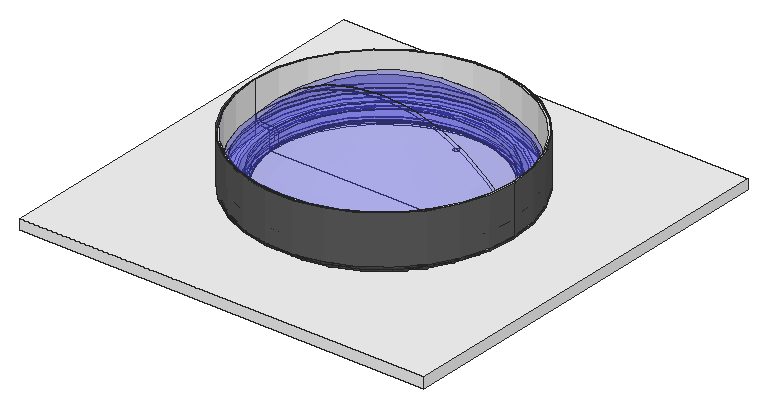
Revit family "BE_51049.2_de_DE", category Leuchten, Revit 2020
Family settings
  Basisbauteil = Fläche
  Bemaßung runder Anschluss = Durchmesser verwenden
  Teiletyp = Normal
  Beim Laden mit Abzugskörper schneiden = Ja
  Lichtquelle = Ja
  Gemeinsam genutzt = Nein
  Raumberechnungspunkt = Ja
Parameters (values of type "BEGA_51049.2_K3")
  built-in parameter 1150104 = 13.816 (stored number, unit not read)
  Wattage = 11.6 W
  Default Elevation = 0 mm
  built-in parameter 1150113 = 1 (stored number, unit not read)
  built-in parameter 1114218 = 1 (stored number, unit not read)
  Umgebungstemperatur = "25 °C"
  URL = "https://www.bega.com/de/produkt/51049.2"
  Typenkommentare = "© 2022 BEGA. Wir behalten uns das Recht vor, technische Änderungen ohne vorherige Ankündigung vorzunehmen."  # constant formula
  built-in parameter 1150134 = (empty or 0)
  built-in parameter 1150109 = 1 (stored number, unit not read)
  Strom = ""
  built-in parameter 1150110 = 1 (stored number, unit not read)
  Spannung = 239.996 V
  Sonderanfertigung = no
  Seriennummer [instance] = "Hier können Sie die eindeutige Seriennummer für das Facility Management eintragen."
  Schutzklasse = "I"
  Schutzart = "IP 20"
  Scheinlast = 0 VA
  Produktdatenblatt = "https://cdn.bega.com/bega/products/51049.2K3/current/documents/data-sheets/de"
  Oberflächentemperatur = ""
  Neigungswinkel = 0.00°
  Modell = "51049.2K3"
  Material_35 = BEGA_Oberfläche_Samtschwarz_matt
  Material_34 = BEGA_Oberfläche_Samtweiss_matt
  Material_22 = BEGA_Oberfläche_Aluminium_matt
  Material_14 = BEGA_Kunststoff_opal
  M_W = no
  M_G = no
  M_A = no
  Logo = 0
  built-in parameter 1114217 = 1 (stored number, unit not read)
  built-in parameter 1150139 = (empty or 0)
  built-in parameter 1150105 = 137.27 (stored number, unit not read)
  built-in parameter 1150114 = 1 (stored number, unit not read)
  Lumens = 1725.04 lm
  built-in parameter 1150115 = 1 (stored number, unit not read)
  Leuchtenlichtstrom = "1209 lm"
  Leuchtenanzahl = ""
  Lebensdauerkriterien = "L70B50 @ 25 °C = 131000 h"
  Lastklassifizierung = Beleuchtung
  built-in parameter 1150112 = 1 (stored number, unit not read)
  Lampenlichtstrom = "1725 lm"
  Lampe = "LED 11.6 W"
  LED_Modulbezeichnung = "LED-0509/930"
  Hersteller = "BEGA"  # constant formula
  Halbstreuwinkel = ""
  Gewicht = "1.25 kg"
  Gebrauchslageneinschränkung [instance] = ""
  Frequenz = "50-60 Hz"
  Farbwiedergabeindex = "CRI > 90"
  Farbtemperaturverschiebung bei Dämpfen der Lampe = <Keine Auswahl>
  Farbtemperatur = "3000 K"
  Color Filter = 16777215
  built-in parameter 1150133 = 10 (stored number, unit not read)
  Energieeffizienzklasse = "LED A++ - A"
  built-in parameter 1150137 = (empty or 0)
  built-in parameter 1150132 = (empty or 0)
  ENEC = ""
  Dimmbar [instance] = "on/off"
  Datei für fotometrisches Netz = "BE_51046K3.ies"
  CE_Konformität = "ja"
  Bestellnummer = "51049.2K3"
  Beschreibung_Sonderanfertigung = "Hier können Sie Informationen zur Sonderanfertigung eintragen."
  Beschreibung = "Deckenleuchte"
  built-in parameter 1150106 = 1.3727 (stored number, unit not read)
  Befestigungsbohrung = "Ø 5,5 mm"
  Befestigungsabstand = "180 mm"
  Ballwurfsicher = ""
  BEGA_Intern_aus = yes
  BEGA_Intern_an = yes
  BEGA_Intern_Konstruktion = yes
  BEGA_Intern = yes
  BEGA_IES = yes
  BEGA_Dummy = no
  Anschlussleitung = ""
  Anschlussleistung [instance] = "15.5 W"
  Anschlusskasten = ""
  built-in parameter 1150107 = 3000 (stored number, unit not read)
  built-in parameter 1150102 = (empty or 0)
  built-in parameter 1150138 = (empty or 0)
  Aktualisierung = "2022-12-15T04:00:04"
  Abstand_zur_angestrahlten_Fläche [instance] = ""
  AC/DC = "AC"
Reference planes
  plane 1 "Mitte (Vorne/Hinten)": y = 0
  plane 2: z = 0
  plane 3 "Mitte (Links/Rechts)": x = 0
  plane 4 "Links": x = -129.868
  plane 5 "Rechts": x = 129.868
  plane 6 "Unten": y = -129.869
  plane 7 "Oben": y = 129.869
  plane 8 "Vorne": z = 91
  plane 9 "Hinten": z = 0
Forms (mm)
  Extrusion 1, solid, material "BEGA_Platte_Weiss"
    sketch origin (0, -1119.2, 0) x (1, 0, 0) y (0, 1, 0)
      loop
        line (-200, 1319.2) -> (-200, 919.2) -> (200, 919.2) -> (200, 1319.2) -> (-200, 1319.2)
    from 0 to -10
  Extrusion 2, solid, material "BEGA_Dummy_matt", visible <- "BEGA_Dummy"
    sketch origin (77.149, -76.023, 0) x (1, 0, 0) y (0, 1, 0)
      loop
        circle (-77.149, 76.023) r 130
    from 0 to 91
Dimensions and locks
  plane 1 "Mitte (Vorne/Hinten)" to Extrusion 1 = 200 mm
  aligned and locked: Extrusion 1 to plane 2
  aligned and locked: Extrusion 1 to level
Nested families
  nested 1: "BE_51049.2_Leuchte" at (0, 0, 0), type "BE_51049.2_Leuchte"
Connectors
  electrical at (0, 0, 0), driven by "Lastklassifizierung", driven by "Spannung", driven by "Scheinlast"
    settings: index 1, voltage 239.996 V, apparent load 0 VA, apparent load phase1 0 VA, apparent load phase2 0 VA, apparent load phase3 0 VA, power factor 1, load classification "Beleuchtung", number of poles 1, system type 31, power factor state 1, is connector primary yes, connector utility no, sub classification motor no, connector description ""
Definition of nested family "BE_51049.2_Leuchte"
  Parameters (values of type "BE_51049.2_Leuchte")
    Default Elevation = 1 mm
    URL = "http://www.bega.de/de/produkt"
    Type Comments = "© 2015 BEGA. Wir behalten uns das Recht vor, technische Änderungen ohne vorherige Ankündigung vorzunehmen. "  # constant formula
    Type Image = (empty or 0)
    Material_35 = none
    Material_34 = none
    Material_22 = none
    Material_14 = none
    Länge_Platte = 300 mm  # constant formula
    Höhe_Platte = -10 mm  # constant formula
    Manufacturer = "BEGA"  # constant formula
    Breite_Platte = 300 mm  # constant formula
  Reference planes
    plane 1 "Mitte (Oben/Unten)": y = 0
    plane 2: z = 0
    plane 3 "Mitte (Links/Rechts)": x = 0
    plane 4: x = -129.868
    plane 5: z = 91
    plane 6: x = 129.868
    plane 7: z = 0
    plane 8: y = 129.869
    plane 9: y = -129.869
  Forms (mm)
    Extrusion 1, solid, detail levels medium
      sketch origin (0, 0, 0) x (1, 0, 0) y (0, 1, 0)
        loop
          line (-150, 150) -> (-150, -150) -> (150, -150) -> (150, 150) -> (-150, 150)
      from 0 to -10 <- "Höhe_Platte"
    Revolve 2, solid, material <- "Material_34"
      sketch origin (0, 0, 0) x (1, 0, 0) y (0, 0, 1)
        loop
          line (115.329, 20) -> (117.5, 20) -> (117.5, 21) -> (115.331, 21)
          arc (115.331, 21) -> (114.063, 20.484) -> (113.524, 19.225) r 1.8
          line (113.524, 19.225) -> (113.276, 4.974)
          arc (113.276, 4.974) -> (112.826, 3.929) -> (111.773, 3.5) r 1.5
          line (111.773, 3.5) -> (0, 3.5) -> (0, 2.5) -> (111.773, 2.5)
          arc (111.773, 2.5) -> (113.527, 3.216) -> (114.276, 4.956) r 2.5
          line (114.276, 4.956) -> (114.524, 19.21)
          arc (114.524, 19.21) -> (114.764, 19.771) -> (115.329, 20) r 0.8
        axis (0, 2.5) -> (0, 21)
      angle from 0 to 360
    Blend 3, solid, material <- "Material_34"
      base sketch origin (0, 0, 0) x (1, 0, 0) y (0, 1, 0)
        loop
          circle (0, 90) r 6.067
      top sketch origin (0, 0, 0) x (1, 0, 0) y (0, 1, 0)
        loop
          circle (0, 90) r 9.863
      from 0 to 3.5
    Blend 4, solid, material <- "Material_34"
      base sketch origin (0, 0, 0) x (1, 0, 0) y (0, 1, 0)
        loop
          circle (0, -90) r 6.067
      top sketch origin (0, 0, 0) x (1, 0, 0) y (0, 1, 0)
        loop
          circle (0, -90) r 9.863
      from 0 to 3.5
    Blend 5, solid, material <- "Material_34"
      base sketch origin (0, 0, 0) x (1, 0, 0) y (0, 1, 0)
        loop
          arc (90.944, 30.518) -> (71.704, 42.119) -> (57.155, 25) r 17.345
          line (57.155, 25) -> (57.155, -25)
          arc (57.155, -25) -> (71.704, -42.119) -> (90.944, -30.518) r 17.345
          arc (90.944, -30.518) -> (95.928, 0) -> (90.944, 30.518) r 95.928
      top sketch origin (0, 0, 0) x (1, 0, 0) y (0, 1, 0)
        loop
          arc (95.323, 31.989) -> (70.952, 46.677) -> (52.535, 24.985) r 21.964
          line (52.535, 24.985) -> (52.535, -24.994)
          arc (52.535, -24.994) -> (70.96, -46.672) -> (95.324, -31.981) r 21.965
          arc (95.324, -31.981) -> (100.546, 0.004) -> (95.323, 31.989) r 100.546
      from 0 to 3.5
    Extrusion 6, void
      sketch origin (0, 0, 0) x (1, 0, 0) y (0, 1, 0)
        loop
          circle (0, 90) r 2.75
        loop
          circle (0, -90) r 2.75
        loop
          circle (80, -15) r 5
        loop
          circle (80, 15) r 5
      from 0 to 3.5
    Revolve 7, solid, material <- "Material_35"
      sketch origin (0, 0, 0) x (1, 0, 0) y (0, 0, 1)
        loop
          line (129.7, 11.983) -> (129.868, 59.993) -> (128.868, 59.993) -> (128.7, 11.988)
          arc (128.7, 11.988) -> (128.256, 10.935) -> (127.2, 10.5) r 1.5
          line (127.2, 10.5) -> (115.64, 10.5) -> (115.5, 2.474)
          arc (115.5, 2.474) -> (115.051, 1.43) -> (114, 1) r 1.5
          line (114, 1) -> (110.5, 1) -> (110.5, 0) -> (114, 0)
          arc (114, 0) -> (115.752, 0.717) -> (116.5, 2.456) r 2.5
          line (116.5, 2.456) -> (116.623, 9.5) -> (127.2, 9.5)
          arc (127.2, 9.5) -> (128.962, 10.226) -> (129.7, 11.983) r 2.5
        axis (0, 0) -> (0, 59.993)
      angle from 0 to 360
    Revolve 8, solid, material <- "Material_22"
      sketch origin (0, 0, 0) x (1, 0, 0) y (0, 0, 1)
        loop
          line (127.868, 60) -> (127.7, 11.998)
          arc (127.7, 11.998) -> (127.553, 11.646) -> (127.2, 11.5) r 0.5
          line (127.2, 11.5) -> (114.657, 11.5) -> (114.491, 2) -> (110.5, 2) -> (110.5, 1) -> (114, 1)
          arc (114, 1) -> (115.051, 1.43) -> (115.5, 2.474) r 1.5
          line (115.5, 2.474) -> (115.64, 10.5) -> (127.2, 10.5)
          arc (127.2, 10.5) -> (128.259, 10.937) -> (128.7, 11.995) r 1.5
          line (128.7, 11.995) -> (128.868, 60) -> (127.868, 60)
        axis (0, 1) -> (0, 60)
      angle from 0 to 360
    Revolve 9, solid, material <- "Material_14"
      sketch origin (0, 0, 0) x (1, 0, 0) y (0, 0, 1)
        loop
          line (0, 91) -> (0, 87.2)
          arc (0, 87.2) -> (67.014, 72.201) -> (121.239, 30.064) r 157.2
          arc (121.239, 30.064) -> (122.17, 27.888) -> (121.777, 25.553) r 4.2
          line (121.777, 25.553) -> (107.481, 24.804)
          arc (107.481, 24.804) -> (104.79, 23.555) -> (103.7, 20.796) r 4
          line (103.7, 20.796) -> (103.7, 11.773)
          arc (103.7, 11.773) -> (104.098, 10.28) -> (105.186, 9.182) r 3.003
          line (105.186, 9.182) -> (107.458, 7.87)
          arc (107.458, 7.87) -> (108.492, 6.868) -> (108.941, 5.5) r 3.003
          line (108.941, 5.5) -> (112.75, 5.5) -> (112.75, 9.205) -> (107.5, 12.236) -> (107.5, 20.051)
          arc (107.5, 20.051) -> (107.774, 20.739) -> (108.446, 21.05) r 1
          line (108.446, 21.05) -> (121.856, 21.752)
          arc (121.856, 21.752) -> (123.904, 22.445) -> (125.293, 24.103) r 4
          arc (125.293, 24.103) -> (125.93, 28.446) -> (124.179, 32.472) r 8
          arc (124.179, 32.472) -> (68.64, 75.635) -> (0, 91) r 161
        axis (0, 5.5) -> (0, 91)
      angle from 0 to 360
  Cuts and joins
    Extrusion 6 cuts Revolve 2
    Extrusion 6 cuts Blend 3
    Extrusion 6 cuts Blend 4
    Extrusion 6 cuts Blend 5
    joined: Revolve 2, Blend 3, Blend 4, Blend 5
  Dimensions and locks
    equal spacing: Extrusion 1 sketch curve, plane 3 "Mitte (Links/Rechts)", Extrusion 1 sketch curve
    equal spacing: Extrusion 1 sketch curve, plane 1 "Mitte (Oben/Unten)", Extrusion 1 sketch curve
    "Länge_Platte": Extrusion 1 sketch curve to Extrusion 1 sketch curve
    "Breite_Platte": Extrusion 1 sketch curve to Extrusion 1 sketch curve
    plane 1 "Mitte (Oben/Unten)" to Extrusion 1 = 150 mm  (x3)
    aligned and locked: Extrusion 1 to plane 2
    aligned and locked: Extrusion 1 to level
  Automatic sketch dimensions
    Revolve 2 sketch curve to Revolve 2 sketch curve = 0 mm  (x8)
    Revolve 2 sketch curve to plane 3 "Mitte (Links/Rechts)" = 0 mm  (x2)
    level to Revolve 2 sketch curve = 3.5 mm
    Revolve 2 sketch curve to Revolve 2 sketch curve = 111.773 mm
    Revolve 2 sketch curve to Revolve 2 sketch curve = 0.001 mm
    Revolve 2 sketch curve to Revolve 2 sketch curve = 0.003 mm
    level to Revolve 2 sketch curve = 19.225 mm
    Revolve 2 sketch curve to Revolve 2 sketch curve = 1.749 mm
    level to Revolve 2 sketch curve = 19.21 mm
    Revolve 2 sketch curve to Revolve 2 sketch curve = 1 mm  (x3)
    Revolve 2 sketch curve to Revolve 2 sketch curve = 0.8 mm
    Revolve 2 sketch curve to Revolve 2 sketch curve = 0.004 mm
    Revolve 2 sketch curve to Revolve 2 sketch curve = 0.002 mm
    Revolve 2 sketch curve to Revolve 2 sketch curve = 2.171 mm
    Revolve 2 sketch curve to Revolve 2 sketch curve = 1.5 mm  (x2)
    Revolve 2 sketch curve to Revolve 2 sketch curve = 0.01 mm
    level to Revolve 2 sketch curve = 4.974 mm
    level to Revolve 2 sketch curve = 4.956 mm
    Blend 3 sketch curve to plane 3 "Mitte (Links/Rechts)" = 0 mm
    Blend 3 sketch curve to plane 1 "Mitte (Oben/Unten)" = 90 mm
    Blend 4 sketch curve to plane 3 "Mitte (Links/Rechts)" = 0 mm  (x2)
    Blend 4 sketch curve to plane 1 "Mitte (Oben/Unten)" = 90 mm  (x2)
    plane 1 "Mitte (Oben/Unten)" to Blend 5 sketch curve = 0 mm
    Blend 5 sketch curve to plane 3 "Mitte (Links/Rechts)" = 0 mm
    plane 1 "Mitte (Oben/Unten)" to Blend 5 sketch curve = 25 mm
    plane 3 "Mitte (Links/Rechts)" to Blend 5 sketch curve = 74.5 mm
    Blend 5 sketch curve to plane 1 "Mitte (Oben/Unten)" = 25 mm
    Blend 5 sketch curve to Blend 5 sketch curve = 0 mm  (x7)
    Blend 5 sketch curve to Blend 5 sketch curve = 17.345 mm  (x2)
    Blend 5 sketch curve to plane 1 "Mitte (Oben/Unten)" = 0.003 mm
    plane 3 "Mitte (Links/Rechts)" to Blend 5 sketch curve = 0.001 mm
    Blend 5 sketch curve to plane 1 "Mitte (Oben/Unten)" = 25.001 mm
    Blend 5 sketch curve to Blend 5 sketch curve = 21.964 mm
    Blend 5 sketch curve to Blend 5 sketch curve = 20.824 mm  (x2)
    Blend 5 sketch curve to Blend 5 sketch curve = 0.016 mm
    Blend 5 sketch curve to Blend 5 sketch curve = 49.979 mm
    level to Revolve 7 sketch curve = 11.983 mm
    Revolve 7 sketch curve to Revolve 7 sketch curve = 2.5 mm  (x2)
    level to Revolve 7 sketch curve = 59.993 mm
    Revolve 7 sketch curve to Revolve 7 sketch curve = 0.168 mm
    Revolve 7 sketch curve to Revolve 7 sketch curve = 0 mm  (x11)
    Revolve 7 sketch curve to Revolve 7 sketch curve = 10.577 mm
    level to Revolve 7 sketch curve = 2.456 mm
    Revolve 7 sketch curve to Revolve 7 sketch curve = 0.123 mm
    level to Revolve 7 sketch curve = 9.5 mm
    Revolve 7 sketch curve to level = 0 mm
    level to Revolve 7 sketch curve = 2.5 mm
    level to Revolve 7 sketch curve = 0 mm
    Revolve 7 sketch curve to Revolve 7 sketch curve = 3.5 mm
    plane 3 "Mitte (Links/Rechts)" to Revolve 7 sketch curve = 110.5 mm
    Revolve 7 sketch curve to Revolve 7 sketch curve = 15.7 mm
    Revolve 7 sketch curve to Revolve 7 sketch curve = 1 mm  (x7)
    level to Revolve 7 sketch curve = 1 mm
    level to Revolve 7 sketch curve = 2.474 mm
    Revolve 7 sketch curve to Revolve 7 sketch curve = 0.983 mm
    plane 3 "Mitte (Links/Rechts)" to Revolve 8 sketch curve = 127.7 mm
    Revolve 8 sketch curve to Revolve 8 sketch curve = 0.168 mm
    Revolve 8 sketch curve to Revolve 8 sketch curve = 1 mm  (x5)
    Revolve 8 sketch curve to Revolve 8 sketch curve = 0.5 mm  (x3)
    Revolve 8 sketch curve to Revolve 8 sketch curve = 0.498 mm
    Revolve 8 sketch curve to Revolve 8 sketch curve = 0 mm  (x6)
    Revolve 8 sketch curve to Revolve 8 sketch curve = 12.543 mm
    level to Revolve 8 sketch curve = 1 mm
    Revolve 8 sketch curve to Revolve 8 sketch curve = 4.157 mm
    Revolve 8 sketch curve to Revolve 8 sketch curve = 3.991 mm
    Revolve 8 sketch curve to Revolve 8 sketch curve = 0.491 mm  (x2)
    Revolve 8 sketch curve to Revolve 8 sketch curve = 1.008 mm  (x2)
    level to Revolve 8 sketch curve = 2.474 mm
    level to Revolve 8 sketch curve = 10.5 mm
    Revolve 8 sketch curve to Revolve 8 sketch curve = 0.983 mm
    level to Revolve 8 sketch curve = 11.995 mm
    level to Revolve 8 sketch curve = 60 mm
    Revolve 9 sketch curve to plane 3 "Mitte (Links/Rechts)" = 0 mm  (x2)
    plane 3 "Mitte (Links/Rechts)" to Revolve 9 sketch curve = 0 mm
    level to Revolve 9 sketch curve = 27.391 mm
    plane 3 "Mitte (Links/Rechts)" to Revolve 9 sketch curve = 118 mm
    Revolve 9 sketch curve to level = 70 mm
    Revolve 9 sketch curve to Revolve 9 sketch curve = 0 mm  (x9)
    level to Revolve 9 sketch curve = 87.2 mm
    Revolve 9 sketch curve to Revolve 9 sketch curve = 3.239 mm
    Revolve 9 sketch curve to Revolve 9 sketch curve = 2.94 mm
    Revolve 9 sketch curve to Revolve 9 sketch curve = 4.054 mm
    Revolve 9 sketch curve to Revolve 9 sketch curve = 5.962 mm
    Revolve 9 sketch curve to Revolve 9 sketch curve = 3.647 mm
    level to Revolve 9 sketch curve = 25.553 mm
    Revolve 9 sketch curve to Revolve 9 sketch curve = 0.13 mm
    Revolve 9 sketch curve to Revolve 9 sketch curve = 0.193 mm
    Revolve 9 sketch curve to Revolve 9 sketch curve = 10.519 mm
    Revolve 9 sketch curve to Revolve 9 sketch curve = 0.965 mm
    Revolve 9 sketch curve to Revolve 9 sketch curve = 0.079 mm
    level to Revolve 9 sketch curve = 21.752 mm
    Revolve 9 sketch curve to Revolve 9 sketch curve = 0.746 mm
    Revolve 9 sketch curve to Revolve 9 sketch curve = 0.239 mm
    Revolve 9 sketch curve to Revolve 9 sketch curve = 0.014 mm
    Revolve 9 sketch curve to Revolve 9 sketch curve = 0.054 mm
    Revolve 9 sketch curve to Revolve 9 sketch curve = 0.759 mm
    level to Revolve 9 sketch curve = 11.773 mm
    level to Revolve 9 sketch curve = 20.796 mm
    Revolve 9 sketch curve to Revolve 9 sketch curve = 3.8 mm
    Revolve 9 sketch curve to Revolve 9 sketch curve = 0.463 mm  (x2)
    level to Revolve 9 sketch curve = 9.182 mm
    Revolve 9 sketch curve to Revolve 9 sketch curve = 1.486 mm
    Revolve 9 sketch curve to Revolve 9 sketch curve = 0.797 mm
    Revolve 9 sketch curve to Revolve 9 sketch curve = 2.272 mm
    Revolve 9 sketch curve to Revolve 9 sketch curve = 5.25 mm
    Revolve 9 sketch curve to Revolve 9 sketch curve = 1.511 mm
    Revolve 9 sketch curve to Revolve 9 sketch curve = 2.595 mm
    Revolve 9 sketch curve to Revolve 9 sketch curve = 1.483 mm
    Revolve 9 sketch curve to Revolve 9 sketch curve = 3.705 mm
    level to Revolve 9 sketch curve = 5.5 mm
    radius of Blend 3 sketch curve = 9.863 mm
    radius of Blend 4 sketch curve = 6.067 mm
    radius of Blend 4 sketch curve = 9.863 mm
